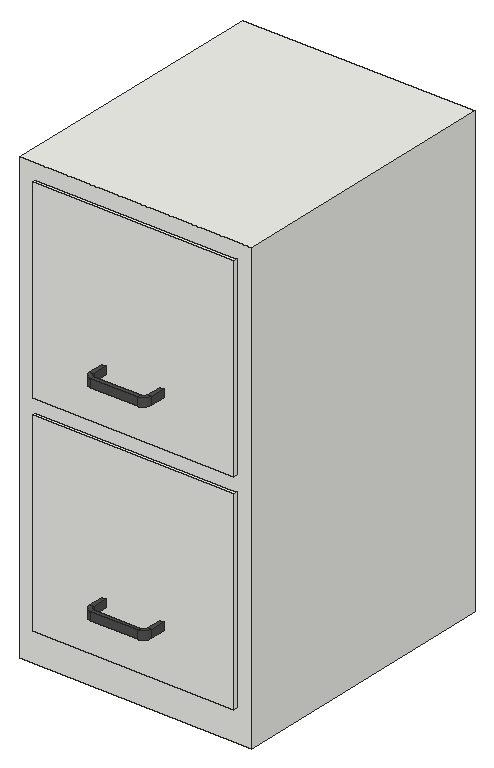
Revit family
Parameters (values of type "15" x 18"")
  Assembly Code = "E2020200"
  Cabinet Material = Metal - Paint Finish - Ivory, Glossy
  Depth = 1' - 6"
  Handle Material = Metal - Chrome
  Height = 2' - 5"
  Width = 1' - 3"
Types (7): name | Depth | Height | Width
  (no name) | 1' - 6" | 2' - 5" | 1' - 3"
  15" x 18" | 1' - 6" | 2' - 5" | 1' - 3"
  15" x 25" | 2' - 1" | 2' - 5" | 1' - 3"
  15" x 29" | 2' - 5" | 2' - 5" | 1' - 3"
  18" x 29" | 2' - 5" | 2' - 5" | 1' - 6"
  36" x 15" Lat. | 1' - 3" | 2' - 4" | 3' - 0"
  36" x 18" Lat. | 1' - 6" | 2' - 4" | 3' - 0"
Reference planes (in)
  plane 1 "Center (Front/Back)": y = -5.59584
  plane 2: z = 0
  plane 3 "Center (Left/Right)": x = -5.03529
  plane 4: x = 2.46471
  plane 5: x = -12.53529
  plane 6: y = 3.40416
  plane 7: y = -14.59584
  plane 8: z = 29
  plane 9: z = 2
  plane 10: y = -14.84584
Forms (in)
  Extrusion 1, solid, material "Metal - Paint Finish - Ivory, Glossy" <- "Cabinet Material"
    sketch origin (0, 3.40416, 0) x (1, 0, 0) y (0, 0, 1)
      loop
        line (-11.53529, 28) -> (-11.53529, 15.5) -> (1.46471, 15.5) -> (1.46471, 28) -> (-11.53529, 28)
      loop
        line (-11.53529, 14.5) -> (-11.53529, 2) -> (1.46471, 2) -> (1.46471, 14.5) -> (-11.53529, 14.5)
    from 18 to 18.25
  Extrusion 2, solid, material "Metal - Paint Finish - Ivory, Glossy" <- "Cabinet Material"
    sketch origin (0, 0, 0) x (1, 0, 0) y (0, 1, 0)
      loop
        line (-12.53529, 3.40416) -> (-12.53529, -14.59584) -> (2.46471, -14.59584) -> (2.46471, 3.40416) -> (-12.53529, 3.40416)
    from 0 to 29
  Sweep 3, solid, material "Metal - Chrome" <- "Handle Material"
    path origin (0, 0, 0) x (1, 0, 0) y (0, 1, 0)
      loop
        line (-7.03529, -14.84584) -> (-7.03529, -15.84584)
        arc (-7.03529, -15.84584) -> (-6.88885, -16.19939) -> (-6.53529, -16.34584) r 0.5
        line (-6.53529, -16.34584) -> (-3.53529, -16.34584)
        arc (-3.53529, -16.34584) -> (-3.18174, -16.19939) -> (-3.03529, -15.84584) r 0.5
        line (-3.03529, -15.84584) -> (-3.03529, -14.84584)
    profile origin (0, -15.34584, 0) x (1, 0, 0) y (0, 0, 1)
      loop
        line (-7.03529, 5) -> (-6.78529, 5) -> (-6.78529, 5.5) -> (-7.03529, 5.5) -> (-7.03529, 5)
      loop
        line (-7.03529, 18.5) -> (-6.78529, 18.5) -> (-6.78529, 19) -> (-7.03529, 19) -> (-7.03529, 18.5)
Lines and regions (in)
  Masking region 1
    outline origin (0, 0, 0) x (1, 0, 0) y (0, 1, 0)
      loop
        line (-12.53529, 3.40416) -> (-12.53529, -14.59584) -> (2.46471, -14.59584) -> (2.46471, 3.40416) -> (-12.53529, 3.40416)
  Masking region 2
    outline origin (0, 0, 0) x (1, 0, 0) y (0, 1, 0)
      loop
        line (-11.53529, -14.59584) -> (-11.53529, -14.84584) -> (1.46471, -14.84584) -> (1.46471, -14.59584) -> (-11.53529, -14.59584)
  symbolic lines
    curve 1: line (-6.78529, -15.84584, 0) -> (-6.78529, -14.84584, 0)
    curve 2: arc (-6.78529, -15.84584, 0) -> (-6.71207, -16.02262, 0) -> (-6.53529, -16.09584, 0) r 0.25
    curve 3: line (-3.53529, -16.09584, 0) -> (-6.53529, -16.09584, 0)
    curve 4: line (-3.28529, -14.84584, 0) -> (-3.28529, -15.84584, 0)
    curve 5: arc (-3.53529, -16.09584, 0) -> (-3.35852, -16.02262, 0) -> (-3.28529, -15.84584, 0) r 0.25
Dimensions and locks (in)
  equal spacing: plane 5, plane 3 "Center (Left/Right)", plane 4
  equal spacing: plane 7, plane 1 "Center (Front/Back)", plane 6
  "Width": plane 5 to plane 4
  "Depth": plane 7 to plane 6
  "Height": plane 8 to plane 2
  plane 7 to plane 10 = 0' - 0 1/4"
  aligned and locked: Extrusion 2 to plane 8
  aligned and locked: Extrusion 2 to level
  aligned and locked: Extrusion 1 to plane 7
  aligned and locked: Extrusion 1 to plane 10
  aligned and locked: plane 6 to Masking region 1 sketch curve
  aligned and locked: Masking region 1 sketch curve to plane 7
  aligned and locked: plane 4 to Masking region 1 sketch curve
  aligned and locked: Masking region 1 sketch curve to plane 5
  aligned and locked: plane 10 to Masking region 2 sketch curve
  aligned and locked: Masking region 2 sketch curve to Extrusion 1  (x2)
  aligned and locked: plane 7 to Masking region 2 sketch curve
  aligned and locked: curve 1 to Sweep 3
  aligned and locked: curve 3 to Sweep 3
  aligned and locked: curve 4 to Sweep 3
  aligned: curve 5 to Sweep 3
Automatic sketch dimensions
  Extrusion 1 sketch curve to plane 5 = 0' - 1"  (x2)
  plane 4 to Extrusion 1 sketch curve = 0' - 1"  (x2)
  level to Extrusion 1 sketch curve = 0' - 2"
  plane 8 to Extrusion 1 sketch curve = 0' - 1"
  Extrusion 2 sketch curve to plane 4 = 0' - 0"
  Extrusion 2 sketch curve to plane 7 = 0' - 0"
  Sweep 3 sketch curve to plane 10 = 0' - 0"  (x2)
  Sweep 3 sketch curve to plane 10 = 0' - 1"
  Sweep 3 sketch curve to plane 3 "Center (Left/Right)" = 0' - 2"
  Sweep 3 sketch curve to Sweep 3 sketch curve = 0' - 0 1/2"  (x3)
  plane 3 "Center (Left/Right)" to Sweep 3 sketch curve = 0' - 1 1/2"
  plane 7 to Sweep 3 sketch curve = 0' - 1 1/4"
  Sweep 3 sketch curve to profile plane = 0' - 0"  (x2)
  Sweep 3 sketch curve to profile plane = 0' - 0 1/4"  (x2)
  level to Sweep 3 sketch curve = 0' - 5"
  Sweep 3 sketch curve to Sweep 3 sketch curve = 1' - 1"
  Extrusion 1 sketch curve to Extrusion 1 sketch curve = 0' - 1"
  Extrusion 1 sketch curve to Extrusion 1 sketch curve = 1' - 0 1/2"
  Extrusion 2 sketch curve to plane 5 = 0' - 0"
  Extrusion 2 sketch curve to plane 6 = 0' - 0"
  curve 1 to plane 10 = 0' - 0"
  curve 1 to curve 2 = 0' - 0 1/4"
  curve 4 to plane 10 = 0' - 0"
  curve 3 to curve 4 = 0' - 0 1/4"
